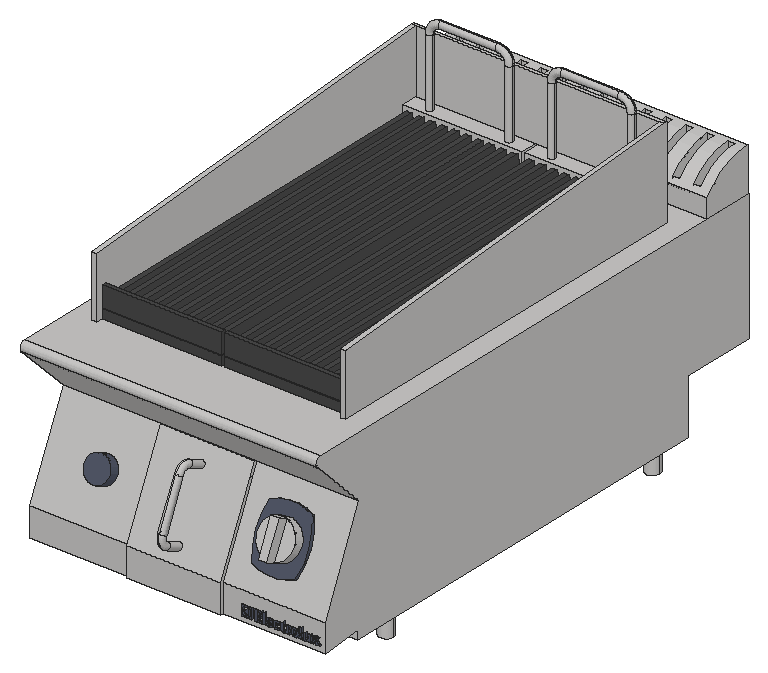
Revit family "QF_ELECTROLUXPROFESSIONAL_371042_E7GRGDGC0P", category Specialty Equipment, Revit 2018 (continued)
Automatic sketch dimensions
  Extrusion 35 sketch curve to Extrusion 35 sketch curve = 0.717 mm  (x2)
  Extrusion 35 sketch curve to Extrusion 35 sketch curve = 1.667 mm
  Extrusion 35 sketch curve to Extrusion 35 sketch curve = 3.174 mm
  Extrusion 35 sketch curve to Extrusion 35 sketch curve = 0.388 mm
  Extrusion 35 sketch curve to Extrusion 35 sketch curve = 1.342 mm
  Extrusion 35 sketch curve to plane 4 "RIGHT" = 11.074 mm
  Extrusion 35 sketch curve to Extrusion 35 sketch curve = 1.521 mm
  Extrusion 35 sketch curve to plane 4 "RIGHT" = 9.515 mm
  Extrusion 35 sketch curve to Extrusion 35 sketch curve = 0.124 mm
  Extrusion 35 sketch curve to Extrusion 35 sketch curve = 0.291 mm
  Extrusion 35 sketch curve to Extrusion 35 sketch curve = 1.049 mm  (x2)
  Extrusion 35 sketch curve to Extrusion 35 sketch curve = 1.7 mm
  Extrusion 35 sketch curve to Extrusion 35 sketch curve = 0.894 mm
  Extrusion 35 sketch curve to Extrusion 35 sketch curve = 0.989 mm
  Extrusion 35 sketch curve to Extrusion 35 sketch curve = 1.168 mm
  Extrusion 35 sketch curve to Extrusion 35 sketch curve = 1.594 mm
  Extrusion 35 sketch curve to Extrusion 35 sketch curve = 0.731 mm
  Extrusion 35 sketch curve to Extrusion 35 sketch curve = 1.566 mm
  Extrusion 35 sketch curve to Extrusion 35 sketch curve = 0.064 mm
  Extrusion 35 sketch curve to Extrusion 35 sketch curve = 0.556 mm  (x2)
  Extrusion 35 sketch curve to Extrusion 35 sketch curve = 0.48 mm
  Extrusion 35 sketch curve to Extrusion 35 sketch curve = 1.018 mm
  Extrusion 35 sketch curve to Extrusion 35 sketch curve = 0.787 mm
  Extrusion 35 sketch curve to Extrusion 35 sketch curve = 0.618 mm
  Extrusion 35 sketch curve to Extrusion 35 sketch curve = 1.672 mm
  Extrusion 35 sketch curve to plane 4 "RIGHT" = 7.773 mm
  Extrusion 35 sketch curve to Extrusion 35 sketch curve = 1.361 mm
  Extrusion 35 sketch curve to Extrusion 35 sketch curve = 0.822 mm
  Extrusion 35 sketch curve to Extrusion 35 sketch curve = 0.069 mm
  Extrusion 35 sketch curve to Extrusion 35 sketch curve = 1.88 mm
  Extrusion 35 sketch curve to Extrusion 35 sketch curve = 0.42 mm
  Extrusion 35 sketch curve to Extrusion 35 sketch curve = 0.062 mm
  Extrusion 35 sketch curve to Extrusion 35 sketch curve = 1.355 mm
  Extrusion 35 sketch curve to Extrusion 35 sketch curve = 2.34 mm
  Extrusion 35 sketch curve to Extrusion 35 sketch curve = 0.493 mm
  Extrusion 35 sketch curve to Extrusion 35 sketch curve = 0.136 mm
  Extrusion 35 sketch curve to Extrusion 35 sketch curve = 0.128 mm
  Extrusion 35 sketch curve to Extrusion 35 sketch curve = 3.616 mm
  Extrusion 35 sketch curve to Extrusion 35 sketch curve = 4.207 mm
  Extrusion 35 sketch curve to Extrusion 35 sketch curve = 0.183 mm
  Extrusion 35 sketch curve to Extrusion 35 sketch curve = 0.895 mm
  Extrusion 35 sketch curve to Extrusion 35 sketch curve = 1.314 mm
  Extrusion 35 sketch curve to Extrusion 35 sketch curve = 3.231 mm
  Extrusion 35 sketch curve to Extrusion 35 sketch curve = 1.299 mm
  Extrusion 35 sketch curve to Extrusion 35 sketch curve = 1.214 mm
  Extrusion 35 sketch curve to Extrusion 35 sketch curve = 1.264 mm
  Extrusion 35 sketch curve to Extrusion 35 sketch curve = 0.109 mm
  Extrusion 35 sketch curve to Extrusion 35 sketch curve = 0.357 mm
  Extrusion 35 sketch curve to Extrusion 35 sketch curve = 0.565 mm
  Extrusion 35 sketch curve to Extrusion 35 sketch curve = 2.504 mm
  Extrusion 35 sketch curve to Extrusion 35 sketch curve = 2.459 mm
  Extrusion 35 sketch curve to Extrusion 35 sketch curve = 0.983 mm
  Extrusion 35 sketch curve to Extrusion 35 sketch curve = 0.422 mm  (x2)
  Extrusion 35 sketch curve to Extrusion 35 sketch curve = 0.494 mm
  Extrusion 35 sketch curve to Extrusion 35 sketch curve = 3.927 mm
  Extrusion 35 sketch curve to Extrusion 35 sketch curve = 0.782 mm
  Extrusion 35 sketch curve to Extrusion 35 sketch curve = 1.268 mm
  Extrusion 35 sketch curve to Extrusion 35 sketch curve = 0.671 mm
  Extrusion 35 sketch curve to Extrusion 35 sketch curve = 0.777 mm
  Extrusion 35 sketch curve to Extrusion 35 sketch curve = 0.704 mm
  Extrusion 35 sketch curve to Extrusion 35 sketch curve = 0.781 mm  (x2)
  Extrusion 35 sketch curve to Extrusion 35 sketch curve = 1.634 mm
  Extrusion 35 sketch curve to Extrusion 35 sketch curve = 0.132 mm
  Extrusion 35 sketch curve to Extrusion 35 sketch curve = 3.136 mm
  Extrusion 35 sketch curve to Extrusion 35 sketch curve = 2.422 mm
  Extrusion 35 sketch curve to Extrusion 35 sketch curve = 0.586 mm
  Extrusion 35 sketch curve to Extrusion 35 sketch curve = 2.046 mm  (x2)
  Extrusion 35 sketch curve to Extrusion 35 sketch curve = 1.241 mm
  Extrusion 35 sketch curve to Extrusion 35 sketch curve = 1.689 mm
  Extrusion 35 sketch curve to Extrusion 35 sketch curve = 2.859 mm
  Extrusion 35 sketch curve to Extrusion 35 sketch curve = 0.627 mm
  Extrusion 35 sketch curve to Extrusion 35 sketch curve = 0.863 mm
  Extrusion 35 sketch curve to Extrusion 35 sketch curve = 0.419 mm
  Extrusion 35 sketch curve to Extrusion 35 sketch curve = 1.514 mm
  Extrusion 35 sketch curve to Extrusion 35 sketch curve = 1.019 mm
  Extrusion 35 sketch curve to Extrusion 35 sketch curve = 0.065 mm
  Extrusion 35 sketch curve to Extrusion 35 sketch curve = 1.215 mm
  Extrusion 35 sketch curve to Extrusion 35 sketch curve = 2.708 mm
  Extrusion 35 sketch curve to Extrusion 35 sketch curve = 1.122 mm
  Extrusion 35 sketch curve to Extrusion 35 sketch curve = 1.153 mm
  Extrusion 35 sketch curve to Extrusion 35 sketch curve = 3.009 mm
  Extrusion 35 sketch curve to Extrusion 35 sketch curve = 0.829 mm  (x2)
  Extrusion 35 sketch curve to Extrusion 35 sketch curve = 0.934 mm
  Extrusion 35 sketch curve to Extrusion 35 sketch curve = 3.376 mm
  Extrusion 35 sketch curve to Extrusion 35 sketch curve = 0.222 mm
  Extrusion 35 sketch curve to Extrusion 35 sketch curve = 1.383 mm
  Extrusion 35 sketch curve to Extrusion 35 sketch curve = 1.556 mm
  Extrusion 35 sketch curve to Extrusion 35 sketch curve = 2.559 mm
  Extrusion 35 sketch curve to Extrusion 35 sketch curve = 2.51 mm
  Extrusion 35 sketch curve to Extrusion 35 sketch curve = 0.131 mm
  Extrusion 35 sketch curve to Extrusion 35 sketch curve = 1.717 mm
  Extrusion 35 sketch curve to Extrusion 35 sketch curve = 1.134 mm
  Extrusion 35 sketch curve to Extrusion 35 sketch curve = 0.366 mm
  Extrusion 35 sketch curve to Extrusion 35 sketch curve = 0.094 mm
  Extrusion 35 sketch curve to Extrusion 35 sketch curve = 1.584 mm
  Extrusion 35 sketch curve to Extrusion 35 sketch curve = 1.501 mm
  Extrusion 35 sketch curve to Extrusion 35 sketch curve = 0.27 mm
  Extrusion 35 sketch curve to Extrusion 35 sketch curve = 1.808 mm
  Extrusion 35 sketch curve to Extrusion 35 sketch curve = 0.643 mm
  Extrusion 35 sketch curve to Extrusion 35 sketch curve = 0.916 mm
  Extrusion 35 sketch curve to Extrusion 35 sketch curve = 0.352 mm
  Extrusion 35 sketch curve to Extrusion 35 sketch curve = 0.458 mm
  Extrusion 35 sketch curve to Extrusion 35 sketch curve = 1.282 mm
  Extrusion 35 sketch curve to Extrusion 35 sketch curve = 1.363 mm
  Extrusion 35 sketch curve to Extrusion 35 sketch curve = 0.685 mm
  Extrusion 35 sketch curve to Extrusion 35 sketch curve = 0.905 mm
  Extrusion 35 sketch curve to Extrusion 35 sketch curve = 2.865 mm
  Extrusion 35 sketch curve to Extrusion 35 sketch curve = 0.472 mm
  Extrusion 35 sketch curve to Extrusion 35 sketch curve = 0.101 mm
  Extrusion 35 sketch curve to Extrusion 35 sketch curve = 0.54 mm
  Extrusion 35 sketch curve to Extrusion 35 sketch curve = 0.02 mm
  Extrusion 35 sketch curve to Extrusion 35 sketch curve = 0.468 mm
  Extrusion 35 sketch curve to Extrusion 35 sketch curve = 0.582 mm
  Extrusion 35 sketch curve to Extrusion 35 sketch curve = 0.166 mm
  Extrusion 35 sketch curve to Extrusion 35 sketch curve = 0.16 mm
  Extrusion 35 sketch curve to Extrusion 35 sketch curve = 2.781 mm
  Extrusion 35 sketch curve to Extrusion 35 sketch curve = 1.118 mm
  Extrusion 35 sketch curve to Extrusion 35 sketch curve = 0.613 mm
  Extrusion 35 sketch curve to Extrusion 35 sketch curve = 0.361 mm
  Extrusion 35 sketch curve to Extrusion 35 sketch curve = 0.897 mm
  Extrusion 35 sketch curve to Extrusion 35 sketch curve = 0.167 mm
  Extrusion 35 sketch curve to Extrusion 35 sketch curve = 0.292 mm
  Extrusion 35 sketch curve to Extrusion 35 sketch curve = 0.305 mm
  Extrusion 35 sketch curve to Extrusion 35 sketch curve = 1.557 mm
  Extrusion 35 sketch curve to Extrusion 35 sketch curve = 2.499 mm
  Extrusion 35 sketch curve to Extrusion 35 sketch curve = 3.062 mm
  Extrusion 35 sketch curve to Extrusion 35 sketch curve = 2.968 mm
  Extrusion 35 sketch curve to Extrusion 35 sketch curve = 5.044 mm
  Extrusion 35 sketch curve to Extrusion 35 sketch curve = 0.629 mm  (x2)
  Extrusion 35 sketch curve to Extrusion 35 sketch curve = 1.131 mm
  Extrusion 35 sketch curve to Extrusion 35 sketch curve = 0.137 mm
  Extrusion 35 sketch curve to Extrusion 35 sketch curve = 0.027 mm
  Extrusion 35 sketch curve to Extrusion 35 sketch curve = 2.235 mm
  radius of Sweep 8 sketch curve = 4.572 mm
  radius of Sweep 10 sketch curve = 4.572 mm
  radius of Extrusion 2 sketch curve = 9.525 mm  (x4)
  radius of Extrusion 3 sketch curve = 6.35 mm
  radius of Extrusion 11 sketch curve = 17.8 mm
  radius of Sweep 16 sketch curve = 4.572 mm
  radius of Extrusion 33 sketch curve = 25.4 mm
  radius of Extrusion 34 sketch curve to Extrusion 33 = 0 mm  (x2)
Nested families
  nested 1: "371042_QF_Electrolux_GRILL" at (39.571, -130.285, 287.338), type "371042_QF_Electrolux_GRILL"
    with Type Mark "", Specification by User "", Revision Code "", Item Number "", Installed By "", Identify Quantity as Lot yes, Furnished By "", Foodservice Equipment Identifier yes
  nested 2: "371042_QF_Electrolux_GRILL" at (182.846, -130.285, 287.338), type "371042_QF_Electrolux_GRILL"
    with Type Mark "", Specification by User "", Revision Code "", Item Number "", Installed By "", Identify Quantity as Lot yes, Furnished By "", Foodservice Equipment Identifier yes
  nested 3: "371042_QF_Electrolux_GRILL" at (55.49, -130.285, 287.338), type "371042_QF_Electrolux_GRILL"
    with Type Mark "", Specification by User "", Revision Code "", Item Number "", Installed By "", Identify Quantity as Lot yes, Furnished By "", Foodservice Equipment Identifier yes
  nested 4: "371042_QF_Electrolux_GRILL" at (71.409, -130.285, 287.338), type "371042_QF_Electrolux_GRILL"
    with Type Mark "", Specification by User "", Revision Code "", Item Number "", Installed By "", Identify Quantity as Lot yes, Furnished By "", Foodservice Equipment Identifier yes
  nested 5: "371042_QF_Electrolux_GRILL" at (87.329, -130.285, 287.338), type "371042_QF_Electrolux_GRILL"
    with Type Mark "", Specification by User "", Revision Code "", Item Number "", Installed By "", Identify Quantity as Lot yes, Furnished By "", Foodservice Equipment Identifier yes
  nested 6: "371042_QF_Electrolux_GRILL" at (103.248, -130.285, 287.338), type "371042_QF_Electrolux_GRILL"
    with Type Mark "", Specification by User "", Revision Code "", Item Number "", Installed By "", Identify Quantity as Lot yes, Furnished By "", Foodservice Equipment Identifier yes
  nested 7: "371042_QF_Electrolux_GRILL" at (119.168, -130.285, 287.338), type "371042_QF_Electrolux_GRILL"
    with Type Mark "", Specification by User "", Revision Code "", Item Number "", Installed By "", Identify Quantity as Lot yes, Furnished By "", Foodservice Equipment Identifier yes
  nested 8: "371042_QF_Electrolux_GRILL" at (135.087, -130.285, 287.338), type "371042_QF_Electrolux_GRILL"
    with Type Mark "", Specification by User "", Revision Code "", Item Number "", Installed By "", Identify Quantity as Lot yes, Furnished By "", Foodservice Equipment Identifier yes
  nested 9: "371042_QF_Electrolux_GRILL" at (151.007, -130.285, 287.338), type "371042_QF_Electrolux_GRILL"
    with Type Mark "", Specification by User "", Revision Code "", Item Number "", Installed By "", Identify Quantity as Lot yes, Furnished By "", Foodservice Equipment Identifier yes
  nested 10: "371042_QF_Electrolux_GRILL" at (166.926, -130.285, 287.338), type "371042_QF_Electrolux_GRILL"
    with Type Mark "", Specification by User "", Revision Code "", Item Number "", Installed By "", Identify Quantity as Lot yes, Furnished By "", Foodservice Equipment Identifier yes
  nested 11: "371042_QF_Electrolux_GRILL" at (204.571, -130.285, 287.338), type "371042_QF_Electrolux_GRILL"
    with Type Mark "", Specification by User "", Revision Code "", Item Number "", Installed By "", Identify Quantity as Lot yes, Furnished By "", Foodservice Equipment Identifier yes
  nested 12: "371042_QF_Electrolux_GRILL" at (347.846, -130.285, 287.338), type "371042_QF_Electrolux_GRILL"
    with Type Mark "", Specification by User "", Revision Code "", Item Number "", Installed By "", Identify Quantity as Lot yes, Furnished By "", Foodservice Equipment Identifier yes
  nested 13: "371042_QF_Electrolux_GRILL" at (220.49, -130.285, 287.338), type "371042_QF_Electrolux_GRILL"
    with Type Mark "", Specification by User "", Revision Code "", Item Number "", Installed By "", Identify Quantity as Lot yes, Furnished By "", Foodservice Equipment Identifier yes
  nested 14: "371042_QF_Electrolux_GRILL" at (236.409, -130.285, 287.338), type "371042_QF_Electrolux_GRILL"
    with Type Mark "", Specification by User "", Revision Code "", Item Number "", Installed By "", Identify Quantity as Lot yes, Furnished By "", Foodservice Equipment Identifier yes
  nested 15: "371042_QF_Electrolux_GRILL" at (252.329, -130.285, 287.338), type "371042_QF_Electrolux_GRILL"
    with Type Mark "", Specification by User "", Revision Code "", Item Number "", Installed By "", Identify Quantity as Lot yes, Furnished By "", Foodservice Equipment Identifier yes
  nested 16: "371042_QF_Electrolux_GRILL" at (268.248, -130.285, 287.338), type "371042_QF_Electrolux_GRILL"
    with Type Mark "", Specification by User "", Revision Code "", Item Number "", Installed By "", Identify Quantity as Lot yes, Furnished By "", Foodservice Equipment Identifier yes
  nested 17: "371042_QF_Electrolux_GRILL" at (284.168, -130.285, 287.338), type "371042_QF_Electrolux_GRILL"
    with Type Mark "", Specification by User "", Revision Code "", Item Number "", Installed By "", Identify Quantity as Lot yes, Furnished By "", Foodservice Equipment Identifier yes
  nested 18: "371042_QF_Electrolux_GRILL" at (300.087, -130.285, 287.338), type "371042_QF_Electrolux_GRILL"
    with Type Mark "", Specification by User "", Revision Code "", Item Number "", Installed By "", Identify Quantity as Lot yes, Furnished By "", Foodservice Equipment Identifier yes
  nested 19: "371042_QF_Electrolux_GRILL" at (316.007, -130.285, 287.338), type "371042_QF_Electrolux_GRILL"
    with Type Mark "", Specification by User "", Revision Code "", Item Number "", Installed By "", Identify Quantity as Lot yes, Furnished By "", Foodservice Equipment Identifier yes
  nested 20: "371042_QF_Electrolux_GRILL" at (331.926, -130.285, 287.338), type "371042_QF_Electrolux_GRILL"
    with Type Mark "", Specification by User "", Revision Code "", Item Number "", Installed By "", Identify Quantity as Lot yes, Furnished By "", Foodservice Equipment Identifier yes
Connectors
  piping at (347.713, -98.425, 57.718), diameter 12.7
    settings: on Extrusion 3, index 2, connector inside diameter 1/2", connector length 0 mm, flow factor 0, pipe flow 0 GPM, pressure drop 0.00 psi, fitting loss kfactor 0, connector angle 0.00°, fixture units 0, engagement length 0 mm, angle of deflection 0.00°, flow configuration 1, flow direction 1, fitting loss method 0, system type 7, joint type 0, gender type 0, connector reference index -1, connector utility 0, adjustable connector no, is connector primary yes, connector description "Gas Connection"
Definition of nested family "371042_QF_Electrolux_GRILL"
  Parameters
    Weight in Pounds = 0
    URL Cutsheet = ""
    URL = ""
    Type Mark [instance] = ""
    Specification by User [instance] = ""
    Specification by Manufacturer = ""
    Serial Number = ""
    Seismic Rating = ""
    SMACNA No = ""
    Revision Code [instance] = ""
    Omniclass Number and Title = ""
    NAFEM Spec ID Number = ""
    Model = ""
    Masterspec = ""
    Manufacturer = ""
    Item Number [instance] = ""
    Installed By [instance] = ""
    Identify Quantity as Lot [instance] = yes
    Furnished By [instance] = ""
    Foodservice Equipment Identifier [instance] = yes
    Description = ""
    CSI MasterFormat = ""
    CSI Master Format = ""
    Assembly Code = ""
  Reference planes
    plane 1 "BACK": y = 0
    plane 2: z = 0
    plane 3 "LEFT": x = 0
    plane 4 "RIGHT": x = 12.7
    plane 5 "FRONT": y = -501.68
    plane 6 "TOP": z = 19.576
    plane 7 "Center Y": x = 6.35
    plane 8 "Center X": y = -250.84
    plane 9: y = -147.637
  Forms (mm)
    Extrusion 1, solid
      sketch origin (-1.421, -501.68, -12.7) x (1, 0, 0) y (0, 0, 1)
        loop
          line (1.421, 12.7) -> (14.121, 12.7) -> (11.081, 32.276) -> (4.46, 32.276) -> (1.421, 12.7)
      from 0 to -501.68
  Dimensions and locks
    equal spacing: plane 3 "LEFT", plane 7 "Center Y", plane 4 "RIGHT"
    plane 3 "LEFT" to plane 4 "RIGHT" = 12.7 mm
    equal spacing: plane 5 "FRONT", plane 8 "Center X", plane 1 "BACK"
    plane 5 "FRONT" to plane 1 "BACK" = 501.68 mm
    plane 6 "TOP" to level = 19.576 mm
    plane 1 "BACK" to plane 5 "FRONT" = 501.68 mm
    aligned and locked: level to plane 2
  Automatic sketch dimensions
    Extrusion 1 sketch curve to level = 0 mm
    Extrusion 1 sketch curve to plane 3 "LEFT" = 0 mm
    Extrusion 1 sketch curve to plane 6 "TOP" = 0 mm
    Extrusion 1 sketch curve to plane 4 "RIGHT" = 0 mm
    plane 3 "LEFT" to Extrusion 1 sketch curve = 3.039 mm
    Extrusion 1 sketch curve to plane 4 "RIGHT" = 3.039 mm
